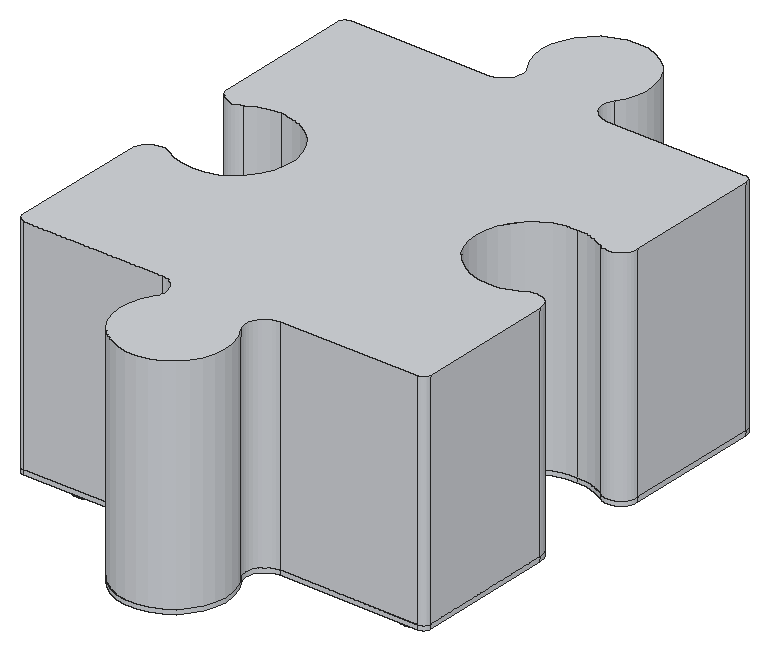
Revit family "BuzziPuzzle", category Furniture, Revit 2018
Family settings
  OmniClass Number = 23.40.20.00
  OmniClass Title = General Furniture and Specialties
  Work Plane-Based = No
  Always vertical = Yes
  Cut with Voids When Loaded = No
  Shared = No
  Room Calculation Point = No
Parameters (values of type "Low Wood")
  Wood Base = yes
  Upholstery [instance] = none
  Height = 1' - 0.99213"
  Feet [instance] = none
  Bottom Offset = 0' - 1.12551"
  Base [instance] = none
Types (5): name | Wood Base | Height | Bottom Offset
  (no name) | yes | 1' - 0.99213" | 0' - 1.12551"
  Low Wood | yes | 1' - 0.99213" | 0' - 1.12551"
  High Wood | yes | 1' - 7 175/256" | 0' - 1.12551"
  Low Anti Skid | no | 0' - 11 13/16" | 0' - 0 1/16"
  High Anti Skid | no | 1' - 6 129/256" | 0' - 0 1/16"
Reference planes (in)
  plane 1 "Center Front/Back": y = 0
  plane 2: z = 0
  plane 3 "Center Left/Right": x = 0
  plane 4: z = 1.29923
  plane 5: z = 0
  plane 6: z = -0.0625
  plane 7: z = 12.99213
  plane 8: z = 1.06301
  plane 9: z = 13.4252
Forms (in)
  Extrusion 1, solid, material <- "Upholstery"
    sketch origin (0, 0, 0) x (1, 0, 0) y (0, 1, 0)
      loop
        arc (-10.34585, 10.78373) -> (-10.61588, 10.67188) -> (-10.72773, 10.40185) r 0.38188
        line (-10.72773, 10.40185) -> (-10.72773, 3.24863)
        arc (-10.72773, 3.24863) -> (-10.26577, 2.4708) -> (-9.36172, 2.50424) r 0.88583
        arc (-9.36172, 2.50424) -> (-8.59935, 2.85358) -> (-7.76933, 2.97328) r 2.93759
        arc (-7.76933, 2.97328) -> (-4.83175, 0.0357) -> (-7.76933, -2.90189) r 2.93759
        arc (-7.76933, -2.90189) -> (-8.59935, -2.78219) -> (-9.36172, -2.43285) r 2.93759
        arc (-9.36172, -2.43285) -> (-9.59161, -2.32751) -> (-9.8419, -2.29141) r 0.88583
        arc (-9.8419, -2.29141) -> (-10.46828, -2.55086) -> (-10.72773, -3.17724) r 0.88583
        line (-10.72773, -3.17724) -> (-10.72773, -10.33219)
        arc (-10.72773, -10.33219) -> (-10.61639, -10.60099) -> (-10.34758, -10.71234) r 0.38015
        line (-10.34758, -10.71234) -> (-3.07351, -10.71234)
        arc (-3.07351, -10.71234) -> (-2.2017, -11.23975) -> (-2.26421, -12.25676) r 0.98425
        arc (-2.26421, -12.25676) -> (0.0203, -16.61641) -> (2.30482, -12.25676) r 2.77838
        arc (2.30482, -12.25676) -> (2.2423, -11.23975) -> (3.11411, -10.71234) r 0.98425
        line (3.11411, -10.71234) -> (10.39801, -10.71234)
        arc (10.39801, -10.71234) -> (10.65987, -10.60387) -> (10.76833, -10.34202) r 0.37032
        line (10.76833, -10.34202) -> (10.76833, -3.17724)
        arc (10.76833, -3.17724) -> (10.50888, -2.55086) -> (9.88251, -2.29141) r 0.88583
        arc (9.88251, -2.29141) -> (9.63222, -2.32751) -> (9.40232, -2.43285) r 0.88583
        arc (9.40232, -2.43285) -> (8.63995, -2.78219) -> (7.80994, -2.90189) r 2.93759
        arc (7.80994, -2.90189) -> (4.87235, 0.0357) -> (7.80994, 2.97328) r 2.93759
        arc (7.80994, 2.97328) -> (8.63995, 2.85358) -> (9.40232, 2.50424) r 2.93759
        arc (9.40232, 2.50424) -> (10.30638, 2.4708) -> (10.76833, 3.24863) r 0.88583
        line (10.76833, 3.24863) -> (10.76833, 10.37719)
        arc (10.76833, 10.37719) -> (10.64926, 10.66466) -> (10.3618, 10.78373) r 0.40653
        line (10.3618, 10.78373) -> (3.11411, 10.78373)
        arc (3.11411, 10.78373) -> (2.2423, 11.31114) -> (2.30482, 12.32815) r 0.98425
        arc (2.30482, 12.32815) -> (2.48128, 15.199) -> (0.0203, 16.6878) r 2.77838
        arc (0.0203, 16.6878) -> (-2.44067, 15.199) -> (-2.26421, 12.32815) r 2.77838
        arc (-2.26421, 12.32815) -> (-2.2017, 11.31114) -> (-3.07351, 10.78373) r 0.98425
        line (-3.07351, 10.78373) -> (-10.34585, 10.78373)
    from 1.29923 to 12.99213
  Extrusion 2, solid, material <- "Upholstery"
    sketch origin (0, 0, 0) x (1, 0, 0) y (0, 1, 0)
      loop
        arc (-10.34585, 10.78373) -> (-10.61588, 10.67188) -> (-10.72773, 10.40185) r 0.38188
        line (-10.72773, 10.40185) -> (-10.72773, 3.24863)
        arc (-10.72773, 3.24863) -> (-10.26577, 2.4708) -> (-9.36172, 2.50424) r 0.88583
        arc (-9.36172, 2.50424) -> (-8.59935, 2.85358) -> (-7.76933, 2.97328) r 2.93759
        arc (-7.76933, 2.97328) -> (-4.83175, 0.0357) -> (-7.76933, -2.90189) r 2.93759
        arc (-7.76933, -2.90189) -> (-8.59935, -2.78219) -> (-9.36172, -2.43285) r 2.93759
        arc (-9.36172, -2.43285) -> (-9.59161, -2.32751) -> (-9.8419, -2.29141) r 0.88583
        arc (-9.8419, -2.29141) -> (-10.46828, -2.55086) -> (-10.72773, -3.17724) r 0.88583
        line (-10.72773, -3.17724) -> (-10.72773, -10.33219)
        arc (-10.72773, -10.33219) -> (-10.61639, -10.60099) -> (-10.34758, -10.71234) r 0.38015
        line (-10.34758, -10.71234) -> (-3.07351, -10.71234)
        arc (-3.07351, -10.71234) -> (-2.2017, -11.23975) -> (-2.26421, -12.25676) r 0.98425
        arc (-2.26421, -12.25676) -> (0.0203, -16.61641) -> (2.30482, -12.25676) r 2.77838
        arc (2.30482, -12.25676) -> (2.2423, -11.23975) -> (3.11411, -10.71234) r 0.98425
        line (3.11411, -10.71234) -> (10.39801, -10.71234)
        arc (10.39801, -10.71234) -> (10.65987, -10.60387) -> (10.76833, -10.34202) r 0.37032
        line (10.76833, -10.34202) -> (10.76833, -3.17724)
        arc (10.76833, -3.17724) -> (10.50888, -2.55086) -> (9.88251, -2.29141) r 0.88583
        arc (9.88251, -2.29141) -> (9.63222, -2.32751) -> (9.40232, -2.43285) r 0.88583
        arc (9.40232, -2.43285) -> (8.63995, -2.78219) -> (7.80994, -2.90189) r 2.93759
        arc (7.80994, -2.90189) -> (4.87235, 0.0357) -> (7.80994, 2.97328) r 2.93759
        arc (7.80994, 2.97328) -> (8.63995, 2.85358) -> (9.40232, 2.50424) r 2.93759
        arc (9.40232, 2.50424) -> (10.30638, 2.4708) -> (10.76833, 3.24863) r 0.88583
        line (10.76833, 3.24863) -> (10.76833, 10.37719)
        arc (10.76833, 10.37719) -> (10.64926, 10.66466) -> (10.3618, 10.78373) r 0.40653
        line (10.3618, 10.78373) -> (3.11411, 10.78373)
        arc (3.11411, 10.78373) -> (2.2423, 11.31114) -> (2.30482, 12.32815) r 0.98425
        arc (2.30482, 12.32815) -> (2.48128, 15.199) -> (0.0203, 16.6878) r 2.77838
        arc (0.0203, 16.6878) -> (-2.44067, 15.199) -> (-2.26421, 12.32815) r 2.77838
        arc (-2.26421, 12.32815) -> (-2.2017, 11.31114) -> (-3.07351, 10.78373) r 0.98425
        line (-3.07351, 10.78373) -> (-10.34585, 10.78373)
    from 1.06301 to 1.29923
Dimensions and locks (in)
  "Bottom Offset": plane 8 to plane 6
  locked: level to plane 6 at 0.0625
  plane 4 to plane 8 = 0' - 0.23622"
  "Height": plane 7 to level
  aligned and locked: level to plane 2
  aligned and locked: plane 7 to Extrusion 1
  aligned and locked: plane 4 to Extrusion 1
  aligned and locked: plane 8 to Extrusion 2
  aligned and locked: Extrusion 2 to plane 4
Automatic sketch dimensions
  Extrusion 1 sketch curve to Extrusion 1 sketch curve = 0' - 0"  (x23)
  Extrusion 1 sketch curve to plane 3 "Center Left/Right" = 0' - 10.72773"
  Extrusion 1 sketch curve to Extrusion 1 sketch curve = 0' - 0.38015"
  Extrusion 1 sketch curve to Extrusion 1 sketch curve = 0' - 0.38188"
  Extrusion 1 sketch curve to Extrusion 1 sketch curve = 0' - 0.88583"  (x3)
  Extrusion 1 sketch curve to plane 1 "Center Front/Back" = 0' - 0.0357"  (x2)
  Extrusion 1 sketch curve to Extrusion 1 sketch curve = 0' - 2.07257"  (x3)
  Extrusion 1 sketch curve to plane 3 "Center Left/Right" = 0' - 3.07351"  (x2)
  plane 3 "Center Left/Right" to Extrusion 1 sketch curve = 0' - 0.0203"  (x2)
  plane 3 "Center Left/Right" to Extrusion 1 sketch curve = 0' - 3.11411"  (x2)
  plane 3 "Center Left/Right" to Extrusion 1 sketch curve = 0' - 7.80994"
  Extrusion 1 sketch curve to Extrusion 1 sketch curve = 0' - 7.24769"
  Extrusion 1 sketch curve to Extrusion 1 sketch curve = 0' - 7.2839"
  Extrusion 1 sketch curve to Extrusion 1 sketch curve = 0' - 0.40653"
  plane 1 "Center Front/Back" to Extrusion 1 sketch curve = 0' - 3.17724"  (x2)
  Extrusion 1 sketch curve to Extrusion 1 sketch curve = 0' - 7.15495"
  Extrusion 1 sketch curve to Extrusion 1 sketch curve = 0' - 7.16478"
  Extrusion 1 sketch curve to Extrusion 1 sketch curve = 0' - 0.98425"  (x4)
  Extrusion 1 sketch curve to Extrusion 1 sketch curve = 0' - 2.14144"  (x2)
  Extrusion 1 sketch curve to plane 1 "Center Front/Back" = 0' - 3.24863"  (x2)
  Extrusion 1 sketch curve to Extrusion 1 sketch curve = 0' - 7.12856"
  Extrusion 1 sketch curve to Extrusion 1 sketch curve = 0' - 7.15322"
  Extrusion 2 sketch curve to Extrusion 2 sketch curve = 0' - 0"  (x23)
  Extrusion 2 sketch curve to plane 3 "Center Left/Right" = 0' - 10.72773"
  Extrusion 2 sketch curve to Extrusion 2 sketch curve = 0' - 0.38015"
  Extrusion 2 sketch curve to Extrusion 2 sketch curve = 0' - 0.38188"
  Extrusion 2 sketch curve to Extrusion 2 sketch curve = 0' - 0.88583"  (x3)
  Extrusion 2 sketch curve to plane 1 "Center Front/Back" = 0' - 0.0357"  (x2)
  Extrusion 2 sketch curve to Extrusion 2 sketch curve = 0' - 2.07257"  (x3)
  Extrusion 2 sketch curve to plane 3 "Center Left/Right" = 0' - 3.07351"  (x2)
  plane 3 "Center Left/Right" to Extrusion 2 sketch curve = 0' - 0.0203"  (x2)
  plane 3 "Center Left/Right" to Extrusion 2 sketch curve = 0' - 3.11411"  (x2)
  plane 3 "Center Left/Right" to Extrusion 2 sketch curve = 0' - 7.80994"
  Extrusion 2 sketch curve to Extrusion 2 sketch curve = 0' - 7.24769"
  Extrusion 2 sketch curve to Extrusion 2 sketch curve = 0' - 7.2839"
  Extrusion 2 sketch curve to Extrusion 2 sketch curve = 0' - 0.40653"
  plane 1 "Center Front/Back" to Extrusion 2 sketch curve = 0' - 3.17724"  (x2)
  Extrusion 2 sketch curve to Extrusion 2 sketch curve = 0' - 7.15495"
  Extrusion 2 sketch curve to Extrusion 2 sketch curve = 0' - 7.16478"
  Extrusion 2 sketch curve to Extrusion 2 sketch curve = 0' - 0.98425"  (x4)
  Extrusion 2 sketch curve to Extrusion 2 sketch curve = 0' - 2.14144"  (x2)
  Extrusion 2 sketch curve to plane 1 "Center Front/Back" = 0' - 3.24863"  (x2)
  Extrusion 2 sketch curve to Extrusion 2 sketch curve = 0' - 7.12856"
  Extrusion 2 sketch curve to Extrusion 2 sketch curve = 0' - 7.15322"
Nested families (in)
  nested 1: "Foot" at (-0.00912, -13.89528, 0), visible <- "Wood Base", type "Foot"
  nested 2: "Foot" at (8.56854, -8.60386, 0), visible <- "Wood Base", type "Foot"
  nested 3: "Foot" at (8.56854, 8.55313, 0), visible <- "Wood Base", type "Foot"
  nested 4: "Foot" at (-0.01311, 13.85166, 0), visible <- "Wood Base", type "Foot"
  nested 5: "Foot" at (-8.59607, 8.56252, 0), visible <- "Wood Base", type "Foot"
  nested 6: "Foot" at (-8.59607, -8.61197, 0), visible <- "Wood Base", type "Foot"
Definition of nested family "Foot"
  Parameters (values of type "Foot")
    Foot = none
  Reference planes (in)
    plane 1 "Center (Front/Back)": y = 0
    plane 2: z = 0
    plane 3 "Center (Left/Right)": x = 0
    plane 4: z = 0.98425
  Forms (in)
    Revolve 1, solid, material <- "Foot"
      sketch origin (0, 0, 0) x (1, 0, 0) y (0, 0, 1)
        loop
          line (0, 0.98425) -> (-0.98249, 0.98425) -> (-0.98249, 0.39161)
          arc (-0.98249, 0.39161) -> (-0.86779, 0.1147) -> (-0.59088, 0) r 0.39161
          line (-0.59088, 0) -> (0, 0) -> (0, 0.98425)
        axis (0, 0.98425) -> (0, 0)
      angle from 0 to 360
  Dimensions and locks (in)
    aligned and locked: plane 2 to level
